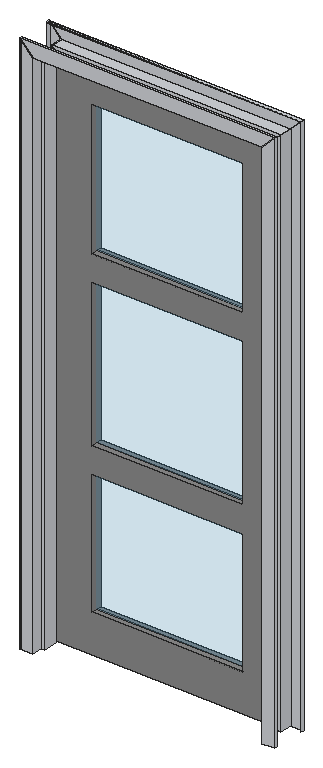
Revit family "Ext-Three FG-MDMF-36 x 84", category Doors, host Wall, Revit 2014
Parameters (values of type "Ext-Three FG-MDMF-36" x 84"")
  Width = Door Panel Width  # 3' - 0"
  Wall Thickness [instance] = 0' - 5 3/4"
  URL = ""
  Type Comments = "EXT,"
  Thickness = 0' - 1 3/4"
  Swing Angle [instance] = 90.00°
  SDI RO Spacing = 0' - 0"
  SDI Panel 1 Width = Leaf Width + 0' 0 3/16"  # 3' - 0"
  SDI No Panels = ""
  SDI HW Set [instance] = ""
  SDI HW Item LO-2 [instance] = ""
  SDI HW Item LO-1 [instance] = ""
  SDI HW Item KP-2 [instance] = ""
  SDI HW Item KP-1 [instance] = ""
  SDI HW Item HI-2 [instance] = ""
  SDI HW Item HI-1 [instance] = ""
  SDI HW Item HC-2 [instance] = ""
  SDI HW Item HC-1 [instance] = ""
  SDI HW Item ED-2 [instance] = ""
  SDI HW Item ED-1 [instance] = ""
  SDI HW Item DO-2 [instance] = ""
  SDI HW Item DO-1 [instance] = ""
  SDI HW Item CL-2 [instance] = ""
  SDI HW Item CL-1 [instance] = ""
  SDI Glass Material = Glass
  SDI Frame Type = "3 Piece"
  SDI Frame Material Type = "Hollow Metal"
  SDI Frame Material = Paint - Generic - Prime
  SDI Frame Manufacturer = ""
  SDI Frame Jamb Width = 0' - 2"
  SDI Frame Head Width = 0' - 2"
  SDI Frame Finish Type = "Painted"
  SDI Frame Finish Color = "Prime"
  SDI Frame Depth [instance] = 0' - 5 3/4"
  SDI Family Version = "1.0"
  SDI Door Top Rail Width = 0' - 7 3/4"
  SDI Door Stile Width = 0' - 6"
  SDI Door Panel Type = "FG"
  SDI Door Material Type = "Hollow Metal"
  SDI Door Material = Paint - Generic - Prime
  SDI Door Manufacturer = ""
  SDI Door Glass Type = "1/4\" Tempered"
  SDI Door Finish Type = "Painted"
  SDI Door Finish Color = "Prime"
  SDI Door Configuration = "SG"
  SDI Door Bottom Rail Width = 1' - 0"
  SDI Arch Frame Type [instance] = "1"
  SDI Arch Frame Material Type [instance] = "HM"
  SDI Arch Door Panel Type [instance] = "FG"
  SDI Arch Door Material Type [instance] = "HM"
  Rough Width = Frame Width - 0' 0" + 2 * SDI RO Spacing  # 3' - 4"
  Rough Height = Frame Height - 0' 0" + SDI RO Spacing  # 7' - 2"
  R1 Height = 7' - 0"
  P1 Width = 3' - 2"
  Model = "Ext-Three FG-MDMF-36\" x 84\""
  Manufacturer = ""
  Leaf Width = P1 Width - 0' 2 3/16"  # 2' - 11 13/16"
  Height = Door Panel Height  # 7' - 0"
  Glass Offset [instance] = 0' 2 1/16" + (SDI Frame Depth - 0' 5 3/4") / 2  # 0' - 2 1/16"
  Function = Exterior
  Frame Width = P1 Width + 0' 2"  # 3' - 4"
  Frame Offset [instance] = if(Aligned Exterior, SDI Frame Depth / 2, if(Aligned Center, Wall Thickness / 2, if(Aligned Interior, Wall Thickness - SDI Frame Depth + SDI Frame Depth / 2, Aligned Other)))  # 0' - 2 7/8"
  Frame Height = R1 Height + 0' 2"  # 7' - 2"
  Fire Rating = ""
  Exterior Glazing [instance] = no
  Door Panel Width = P1 Width - 0' 2"  # 3' - 0"
  Door Panel Height = R1 Height + 0' 2" - (0' 2")  # 7' - 0"
  Door Offset [instance] = 0' 2 13/16" + (SDI Frame Depth - 0' 5 3/4") / 2  # 0' - 2 13/16"
  Description = "Hollow Metal Door with Hollow Metal Frame"
  Cost = 0
  Assembly Code = "B2030120"
  Analytic Construction = "<None>"
  Aligned Other [instance] = 0' - 0"
  Aligned Interior [instance] = no
  Aligned Exterior [instance] = yes
  Aligned Center [instance] = no
  ADA Clearance Lines = no
Reference planes (in)
  plane 1: y = 0
  plane 2 "Center (Left/Right)": x = 0
  plane 3 "Wall Edge": y = 2.875
  plane 4 "Wall Interior": y = -2.875
  plane 5 "ModelRefLevel": z = -0.36736
  plane 6 "FrameDepthPlane": y = 0
  plane 7 "FrameFront": y = 2.875
  plane 8 "FrameBack": y = -2.875
  plane 9 "V0": x = 19
  plane 10 "V1": x = -19
  plane 11 "H0": z = 1
  plane 12 "H1": z = 85
  plane 13 "DoorLeft": x = 18
  plane 14 "DoorRight": x = -18
  plane 15 "DoorCenter": x = 0
  plane 16 "DoorTop": z = 83.875
  plane 17 "DoorCenterTB": z = 41.75382
  plane 18 "DoorExtFace": y = 2.8125
  plane 19 "DoorGlassFace": y = 2.0625
  plane 20 "LockCenterLine": z = 40.94513
  plane 21 "DoorExtFace1": y = 2.0625
  plane 22 "ActDoorLeft": x = 17.90625
  plane 23 "SwingClrPlane": y = 62.875
  plane 24 "SwingPartialPlane": y = 50.875
  plane 25: z = 55.79421
  plane 26: z = 27.71342
Forms (in)
  Extrusion 1, solid
    sketch origin (138.6875, 0, 43) x (-1, 0, 0) y (0, -1, 0)
      loop
        line (118.6875, -2.375) -> (118.6875, -2.875) -> (120.6875, -2.875) -> (120.6875, -0.9375) -> (121.3125, -0.9375) -> (121.3125, 1.3125) -> (120.6875, 1.3125) -> (120.6875, 2.875) -> (118.6875, 2.875) -> (118.6875, 2.4375) -> (118.75, 2.4375) -> (118.75, 2.8125) -> (120.625, 2.8125) -> (120.625, 1.25) -> (121.25, 1.25) -> (121.25, -0.875) -> (120.625, -0.875) -> (120.625, -2.8125) -> (118.75, -2.8125) -> (118.75, -2.375) -> (118.6875, -2.375)
    from -43 to 43
  Extrusion 2, void
    sketch origin (0, 2.875, 0) x (1, 0, 0) y (0, 0, 1)
      loop
        line (20, 86) -> (17.375, 86) -> (17.375, 83.375) -> (20, 86)
    from -12 to 12
  Extrusion 3, solid
    sketch origin (101.3125, 0, 43) x (-1, 0, 0) y (0, -1, 0)
      loop
        line (121.25, -2.375) -> (121.25, -2.8125) -> (119.375, -2.8125) -> (119.375, -0.875) -> (118.75, -0.875) -> (118.75, 1.25) -> (119.375, 1.25) -> (119.375, 2.8125) -> (121.25, 2.8125) -> (121.25, 2.4375) -> (121.3125, 2.4375) -> (121.3125, 2.875) -> (119.3125, 2.875) -> (119.3125, 1.3125) -> (118.6875, 1.3125) -> (118.6875, -0.9375) -> (119.3125, -0.9375) -> (119.3125, -2.875) -> (121.3125, -2.875) -> (121.3125, -2.375) -> (121.25, -2.375)
    from -43 to 43
  Extrusion 4, void
    sketch origin (0, 2.875, 0) x (1, 0, 0) y (0, 0, 1)
      loop
        line (-20, 86) -> (-17.375, 83.375) -> (-17.375, 86) -> (-20, 86)
    from -12 to 12
  Extrusion 5, solid
    sketch origin (0, 0, 84.6875) x (0, 1, 0) y (0, 0, 1)
      loop
        line (2.375, 1.25) -> (2.8125, 1.25) -> (2.8125, -0.625) -> (0.875, -0.625) -> (0.875, -1.25) -> (-1.25, -1.25) -> (-1.25, -0.625) -> (-2.8125, -0.625) -> (-2.8125, 1.25) -> (-2.4375, 1.25) -> (-2.4375, 1.3125) -> (-2.875, 1.3125) -> (-2.875, -0.6875) -> (-1.3125, -0.6875) -> (-1.3125, -1.3125) -> (0.9375, -1.3125) -> (0.9375, -0.6875) -> (2.875, -0.6875) -> (2.875, 1.3125) -> (2.375, 1.3125) -> (2.375, 1.25)
    from -20 to 20
  Extrusion 6, void
    sketch origin (0, 2.875, 0) x (1, 0, 0) y (0, 0, 1)
      loop
        line (-20, 86) -> (-20, 83.375) -> (-17.375, 83.375) -> (-20, 86)
    from -12 to 12
  Extrusion 7, void
    sketch origin (0, 2.875, 0) x (1, 0, 0) y (0, 0, 1)
      loop
        line (20, 86) -> (17.375, 83.375) -> (20, 83.375) -> (20, 86)
    from -12 to 12
  Extrusion 8, solid, material "Paint - Generic - Prime" <- "SDI Door Material"
    sketch origin (-60, 2.8125, -12) x (1, 0, 0) y (0, 0, 1)
      loop
        line (77.90625, 12.25764) -> (77.90625, 95.875) -> (42.09375, 95.875) -> (42.09375, 12.25764) -> (77.90625, 12.25764)
      loop
        line (71.90625, 18.25764) -> (71.90625, 37.71342) -> (48.09375, 37.71342) -> (48.09375, 18.25764) -> (71.90625, 18.25764)
      loop
        line (48.09375, 89.875) -> (48.09375, 68.79421) -> (71.90625, 68.79421) -> (71.90625, 89.875) -> (48.09375, 89.875)
      loop
        line (71.90625, 64.79421) -> (48.09375, 64.79421) -> (48.09375, 41.71342) -> (71.90625, 41.71342) -> (71.90625, 64.79421)
    from 0 to 1.75
  Extrusion 9, solid, material "Glass" <- "SDI Glass Material"
    sketch origin (-53.8125, 2.0625, -12.31096) x (1, 0, 0) y (0, 0, 1)
      loop
        line (41.90625, 69.10517) -> (65.71875, 69.10517) -> (65.71875, 90.18596) -> (41.90625, 90.18596) -> (41.90625, 69.10517)
      loop
        line (65.71875, 65.10517) -> (41.90625, 65.10517) -> (41.90625, 42.02438) -> (65.71875, 42.02438) -> (65.71875, 65.10517)
      loop
        line (65.71875, 38.02438) -> (41.90625, 38.02438) -> (41.90625, 18.5686) -> (65.71875, 18.5686) -> (65.71875, 38.02438)
    from 0 to 0.25
Cuts and joins
  Extrusion 2 cuts Extrusion 1
  Extrusion 4 cuts Extrusion 3
  Extrusion 6, Extrusion 7 cuts Extrusion 5
Lines and regions (in)
  Opening 1
    outline origin (-60, -2.875, 0) x (1, 0, 0) y (0, 0, 1)
      loop
        line (80, 0) -> (80, 86) -> (40, 86) -> (40, 0) -> (80, 0)
  symbolic lines, style "DoorsFrameMullionProjection", detail levels fine
    curve 1: line (20, 2.375, 0) -> (20, 2.875, 0)
    curve 2: line (20, 2.875, 0) -> (18, 2.875, 0)
    curve 3: line (18, 2.875, 0) -> (18, 0.9375, 0)
    curve 4: line (18, 0.9375, 0) -> (17.375, 0.9375, 0)
    curve 5: line (17.375, 0.9375, 0) -> (17.375, -1.3125, 0)
    curve 6: line (17.375, -1.3125, 0) -> (18, -1.3125, 0)
    curve 7: line (18, -1.3125, 0) -> (18, -2.875, 0)
    curve 8: line (18, -2.875, 0) -> (20, -2.875, 0)
    curve 9: line (20, -2.875, 0) -> (20, -2.4375, 0)
    curve 10: line (20, -2.4375, 0) -> (19.9375, -2.4375, 0)
    curve 11: line (19.9375, -2.4375, 0) -> (19.9375, -2.8125, 0)
    curve 12: line (19.9375, -2.8125, 0) -> (18.0625, -2.8125, 0)
    curve 13: line (18.0625, -2.8125, 0) -> (18.0625, -1.25, 0)
    curve 14: line (18.0625, -1.25, 0) -> (17.4375, -1.25, 0)
    curve 15: line (17.4375, -1.25, 0) -> (17.4375, 0.875, 0)
    curve 16: line (17.4375, 0.875, 0) -> (18.0625, 0.875, 0)
    curve 17: line (18.0625, 0.875, 0) -> (18.0625, 2.8125, 0)
    curve 18: line (18.0625, 2.8125, 0) -> (19.9375, 2.8125, 0)
    curve 19: line (19.9375, 2.8125, 0) -> (19.9375, 2.375, 0)
    curve 20: line (19.9375, 2.375, 0) -> (20, 2.375, 0)
    curve 25: line (-19.9375, 2.375, 0) -> (-19.9375, 2.8125, 0)
    curve 26: line (-19.9375, 2.8125, 0) -> (-18.0625, 2.8125, 0)
    curve 27: line (-18.0625, 2.8125, 0) -> (-18.0625, 0.875, 0)
    curve 28: line (-18.0625, 0.875, 0) -> (-17.4375, 0.875, 0)
    curve 29: line (-17.4375, 0.875, 0) -> (-17.4375, -1.25, 0)
    curve 30: line (-17.4375, -1.25, 0) -> (-18.0625, -1.25, 0)
    curve 31: line (-18.0625, -1.25, 0) -> (-18.0625, -2.8125, 0)
    curve 32: line (-18.0625, -2.8125, 0) -> (-19.9375, -2.8125, 0)
    curve 33: line (-19.9375, -2.8125, 0) -> (-19.9375, -2.4375, 0)
    curve 34: line (-19.9375, -2.4375, 0) -> (-20, -2.4375, 0)
    curve 35: line (-20, -2.4375, 0) -> (-20, -2.875, 0)
    curve 36: line (-20, -2.875, 0) -> (-18, -2.875, 0)
    curve 37: line (-18, -2.875, 0) -> (-18, -1.3125, 0)
    curve 38: line (-18, -1.3125, 0) -> (-17.375, -1.3125, 0)
    curve 39: line (-17.375, -1.3125, 0) -> (-17.375, 0.9375, 0)
    curve 40: line (-17.375, 0.9375, 0) -> (-18, 0.9375, 0)
    curve 41: line (-18, 0.9375, 0) -> (-18, 2.875, 0)
    curve 42: line (-18, 2.875, 0) -> (-20, 2.875, 0)
    curve 43: line (-20, 2.875, 0) -> (-20, 2.375, 0)
    curve 44: line (-20, 2.375, 0) -> (-19.9375, 2.375, 0)
  symbolic lines, style "DoorsFrameMullionProjection", detail levels coarse+medium
    curve 21: line (18, -2.875, 0) -> (20, -2.875, 0)
    curve 22: line (18, 2.875, 0) -> (20, 2.875, 0)
    curve 23: line (18, -2.875, 0) -> (18, 2.875, 0)
    curve 24: line (20, -2.875, 0) -> (20, 2.875, 0)
    curve 45: line (-20, -2.875, 0) -> (-18, -2.875, 0)
    curve 46: line (-20, 2.875, 0) -> (-18, 2.875, 0)
    curve 47: line (-20, -2.875, 0) -> (-20, 2.875, 0)
    curve 48: line (-18, -2.875, 0) -> (-18, 2.875, 0)
  symbolic lines, style "Elevation Swing"
    curve 49: line (-17.90625, 2.875, 83.875) -> (17.90625, 2.875, 41.75382)
    curve 50: line (-17.90625, 2.875, 0) -> (17.90625, 2.875, 41.75382)
  symbolic lines, style "ADA Clearance", visible <- "ADA Clearance Lines"
    curve 51: line (20, 2.875, 0) -> (20, 62.875, 0)
    curve 52: line (-36, 62.875, 0) -> (20, 62.875, 0)
    curve 53: line (-36, 50.875, 0) -> (20, 50.875, 0)
    curve 54: line (-36, 2.875, 0) -> (-36, 62.875, 0)
    curve 55: line (20, -2.875, 0) -> (20, -50.875, 0)
    curve 56: line (-30, -50.875, 0) -> (20, -50.875, 0)
    curve 57: line (-30, -2.875, 0) -> (-30, -50.875, 0)
Text (in)
  text "Placement Side" at (0, 40.15149, 123.01588), in view "Right"
  text "Placement Side" at (-70.3804, 28.46503, 0), in view "Ref. Level"
  text "Placement Side" at (0, 81.62555, 140.59947), in view "Left"
Dimensions and locks (in)
  locked: plane 3 "Wall Edge" to host wall
  equal spacing: host wall, plane 2 "Center (Left/Right)", host wall
  "Rough Width": host wall to host wall
  "Rough Height": level to host wall
  equal spacing: plane 3 "Wall Edge", plane 1, plane 4 "Wall Interior"
  "Wall Thickness": host wall to host wall
  "Frame Offset": plane 3 "Wall Edge" to plane 6 "FrameDepthPlane"
  equal spacing: plane 7 "FrameFront", plane 6 "FrameDepthPlane", plane 8 "FrameBack"
  "SDI Frame Depth": plane 7 "FrameFront" to plane 8 "FrameBack"
  equal spacing: plane 9 "V0", plane 2 "Center (Left/Right)", plane 10 "V1"
  "P1 Width": plane 9 "V0" to plane 10 "V1"
  "R1 Height": plane 11 "H0" to plane 12 "H1"
  locked: plane 12 "H1" to Extrusion 1 at 1
  locked: plane 11 "H0" to Extrusion 1 at 1
  locked: plane 9 "V0" to Extrusion 1 at 1  (x4)
  locked: plane 9 "V0" to Extrusion 1 at 0.9375  (x5)
  locked: plane 9 "V0" to Extrusion 1 at 1.5625
  locked: plane 9 "V0" to Extrusion 1 at 1.625
  locked: plane 12 "H1" to Extrusion 3 at 1
  locked: plane 11 "H0" to Extrusion 3 at 1
  locked: plane 10 "V1" to Extrusion 3 at 0.9375  (x4)
  locked: plane 10 "V1" to Extrusion 3 at 1  (x5)
  locked: plane 10 "V1" to Extrusion 3 at 1.625
  locked: plane 10 "V1" to Extrusion 3 at 1.5625
  locked: plane 9 "V0" to Extrusion 5 at 1
  locked: plane 10 "V1" to Extrusion 5 at 1
  locked: plane 12 "H1" to Extrusion 5 at 0.9375  (x5)
  locked: plane 12 "H1" to Extrusion 5 at 1.5625
  locked: plane 12 "H1" to Extrusion 5 at 1  (x4)
  locked: plane 12 "H1" to Extrusion 5 at 1.625
  locked: plane 7 "FrameFront" to cut or joined group of Extrusion 1, Extrusion 2 at 1.9375
  locked: plane 7 "FrameFront" to cut or joined group of Extrusion 1, Extrusion 2 at 2
  locked: plane 7 "FrameFront" to cut or joined group of Extrusion 1, Extrusion 2 at 0.0625
  locked: plane 7 "FrameFront" to cut or joined group of Extrusion 1, Extrusion 2 at 0.5
  locked: plane 8 "FrameBack" to cut or joined group of Extrusion 1, Extrusion 2 at 1.5625
  locked: plane 8 "FrameBack" to cut or joined group of Extrusion 1, Extrusion 2 at 0.4375
  locked: plane 8 "FrameBack" to cut or joined group of Extrusion 1, Extrusion 2 at 0.0625
  locked: plane 8 "FrameBack" to cut or joined group of Extrusion 1, Extrusion 2 at 1.625
  locked: plane 7 "FrameFront" to cut or joined group of Extrusion 3, Extrusion 4 at 0.0625
  locked: plane 7 "FrameFront" to cut or joined group of Extrusion 3, Extrusion 4 at 2
  locked: plane 7 "FrameFront" to cut or joined group of Extrusion 3, Extrusion 4 at 1.9375
  locked: plane 7 "FrameFront" to cut or joined group of Extrusion 3, Extrusion 4 at 0.5
  locked: plane 8 "FrameBack" to cut or joined group of Extrusion 3, Extrusion 4 at 1.625
  locked: plane 8 "FrameBack" to cut or joined group of Extrusion 3, Extrusion 4 at 0.0625
  locked: plane 8 "FrameBack" to cut or joined group of Extrusion 3, Extrusion 4 at 0.4375
  locked: plane 8 "FrameBack" to cut or joined group of Extrusion 3, Extrusion 4 at 1.5625
  locked: plane 7 "FrameFront" to cut or joined group of Extrusion 5, Extrusion 6, Extrusion 7 at 0.0625
  locked: plane 7 "FrameFront" to cut or joined group of Extrusion 5, Extrusion 6, Extrusion 7 at 2
  locked: plane 7 "FrameFront" to cut or joined group of Extrusion 5, Extrusion 6, Extrusion 7 at 1.9375
  locked: plane 7 "FrameFront" to cut or joined group of Extrusion 5, Extrusion 6, Extrusion 7 at 0.5
  locked: plane 8 "FrameBack" to cut or joined group of Extrusion 5, Extrusion 6, Extrusion 7 at 1.625
  locked: plane 8 "FrameBack" to cut or joined group of Extrusion 5, Extrusion 6, Extrusion 7 at 0.0625
  locked: plane 8 "FrameBack" to cut or joined group of Extrusion 5, Extrusion 6, Extrusion 7 at 0.4375
  locked: plane 8 "FrameBack" to cut or joined group of Extrusion 5, Extrusion 6, Extrusion 7 at 1.5625
  locked: plane 7 "FrameFront" to curve 4 at 1.9375
  locked: plane 7 "FrameFront" to curve 16 at 2
  locked: plane 7 "FrameFront" to curve 18 at 0.0625
  locked: plane 7 "FrameFront" to curve 20 at 0.5
  locked: plane 7 "FrameFront" to curve 26 at 0.0625
  locked: plane 7 "FrameFront" to curve 28 at 2
  locked: plane 7 "FrameFront" to curve 40 at 1.9375
  locked: plane 7 "FrameFront" to curve 44 at 0.5
  locked: plane 8 "FrameBack" to curve 6 at 1.5625
  locked: plane 8 "FrameBack" to curve 10 at 0.4375
  locked: plane 8 "FrameBack" to curve 12 at 0.0625
  locked: plane 8 "FrameBack" to curve 14 at 1.625
  locked: plane 8 "FrameBack" to curve 30 at 1.625
  locked: plane 8 "FrameBack" to curve 32 at 0.0625
  locked: plane 8 "FrameBack" to curve 34 at 0.4375
  locked: plane 8 "FrameBack" to curve 38 at 1.5625
  locked: plane 9 "V0" to plane 13 "DoorLeft" at 1
  locked: plane 10 "V1" to plane 14 "DoorRight" at 1
  locked: plane 12 "H1" to plane 16 "DoorTop" at 1.125
  equal spacing: plane 16 "DoorTop", plane 17 "DoorCenterTB", plane 5 "ModelRefLevel"
  "Door Offset": plane 6 "FrameDepthPlane" to plane 18 "DoorExtFace"
  "Glass Offset": plane 6 "FrameDepthPlane" to plane 19 "DoorGlassFace"
  locked: plane 20 "LockCenterLine" to plane 5 "ModelRefLevel" at 41.3125
  locked: Extrusion 8 to Extrusion 8 at 1.75
  locked: plane 6 "FrameDepthPlane" to plane 21 "DoorExtFace1" at 2.0625
  locked: Extrusion 9 to Extrusion 9 at 0.25
  locked: plane 13 "DoorLeft" to Extrusion 8 at 0.09375
  locked: plane 14 "DoorRight" to Extrusion 8 at 6.09375
  locked: plane 14 "DoorRight" to Extrusion 8 at 0.09375
  locked: plane 13 "DoorLeft" to Extrusion 8 at 6.09375
  plane 5 "ModelRefLevel" to Extrusion 8 = 0' - 6 5/8"
  plane 5 "ModelRefLevel" to Extrusion 8 = 0' - 0 5/8"
  plane 16 "DoorTop" to Extrusion 8 = 0' - 6"
  locked: plane 13 "DoorLeft" to plane 22 "ActDoorLeft" at 0.09375
  locked: plane 3 "Wall Edge" to plane 23 "SwingClrPlane" at 60
  locked: plane 3 "Wall Edge" to plane 24 "SwingPartialPlane" at 48
  Extrusion 8 sketch curve to plane 25 to Extrusion 8 sketch curve = 0' - 3" locked, 0' - 1" locked
  Extrusion 8 sketch curve to plane 26 to Extrusion 8 sketch curve = 0' - 2" locked, 0' - 2" locked
  locked: Extrusion 8 sketch curve to Extrusion 8 sketch curve at 6
  locked: Extrusion 8 sketch curve to plane 16 "DoorTop" at 6
  equal spacing: plane 5 "ModelRefLevel", plane 26, plane 25, plane 16 "DoorTop"
  aligned and locked: plane 4 "Wall Interior" to host wall
  aligned and locked: cut or joined group of Extrusion 1, Extrusion 2 to plane 7 "FrameFront"
  aligned and locked: plane 8 "FrameBack" to cut or joined group of Extrusion 1, Extrusion 2
  aligned and locked: cut or joined group of Extrusion 3, Extrusion 4 to plane 7 "FrameFront"
  aligned and locked: plane 8 "FrameBack" to cut or joined group of Extrusion 3, Extrusion 4
  aligned and locked: cut or joined group of Extrusion 5, Extrusion 6, Extrusion 7 to plane 7 "FrameFront"
  aligned and locked: plane 8 "FrameBack" to cut or joined group of Extrusion 5, Extrusion 6, Extrusion 7
  aligned and locked: curve 2 to plane 7 "FrameFront"
  aligned and locked: plane 7 "FrameFront" to curve 22
  aligned and locked: curve 42 to plane 7 "FrameFront"
  aligned and locked: plane 7 "FrameFront" to curve 46
  aligned and locked: plane 8 "FrameBack" to curve 8
  aligned and locked: plane 8 "FrameBack" to curve 36
  aligned and locked: Extrusion 8 to plane 18 "DoorExtFace"
  aligned and locked: Extrusion 9 to plane 21 "DoorExtFace1"
  aligned and locked: plane 7 "FrameFront" to nested 1
  aligned and locked: plane 22 "ActDoorLeft" to nested 1
  aligned and locked: plane 23 "SwingClrPlane" to curve 52
  aligned and locked: plane 24 "SwingPartialPlane" to curve 53
  aligned and locked: Extrusion 9 sketch curve to Extrusion 8  (x12)
Automatic sketch dimensions
  Opening 1 sketch curve to level = 0' - 0"
  Opening 1 sketch curve to plane 2 "Center (Left/Right)" = 1' - 8"
  plane 2 "Center (Left/Right)" to Opening 1 sketch curve = 1' - 8"
  level to Opening 1 sketch curve = 7' - 2"
  Extrusion 2 sketch curve to plane 9 "V0" = 0' - 1 5/8"
  plane 9 "V0" to Extrusion 2 sketch curve = 0' - 1"
  plane 12 "H1" to Extrusion 2 sketch curve = 0' - 1 5/8"
  Extrusion 2 sketch curve to plane 12 "H1" = 0' - 1"
  Extrusion 1 sketch curve to host wall = 0' - 0"
  host wall to Extrusion 1 sketch curve = 0' - 0"
  Extrusion 1 sketch curve to host wall = 0' - 0 1/2"
  plane 2 "Center (Left/Right)" to Extrusion 1 sketch curve = 1' - 8"  (x2)
  Extrusion 1 sketch curve to host wall = 0' - 0 7/16"
  Extrusion 1 sketch curve to Extrusion 1 sketch curve = 0' - 0 1/16"  (x7)
  plane 2 "Center (Left/Right)" to Extrusion 1 sketch curve = 1' - 6 1/16"  (x2)
  Extrusion 1 sketch curve to host wall = 0' - 0 1/16"  (x2)
  Extrusion 1 sketch curve to Extrusion 1 sketch curve = 0' - 0 9/16"
  Extrusion 1 sketch curve to host wall = 0' - 0 15/16"
  host wall to Extrusion 1 sketch curve = 0' - 1 1/4"
  plane 9 "V0" to curve 1 = 0' - 1"
  curve 6 to curve 5 = 0' - 0 5/8"
  curve 7 to plane 9 "V0" = 0' - 1"
  curve 9 to curve 10 = 0' - 0 1/16"
  curve 12 to curve 7 = 0' - 0 1/16"
  curve 14 to curve 5 = 0' - 0 1/16"
  curve 16 to curve 3 = 0' - 0 1/16"
  curve 1 to curve 18 = 0' - 0 1/16"
  Extrusion 4 sketch curve to plane 10 "V1" = 0' - 1"
  plane 10 "V1" to Extrusion 4 sketch curve = 0' - 1 5/8"
  plane 12 "H1" to Extrusion 4 sketch curve = 0' - 1 5/8"
  Extrusion 4 sketch curve to plane 12 "H1" = 0' - 1"
  host wall to Extrusion 3 sketch curve = 0' - 0"
  Extrusion 3 sketch curve to host wall = 0' - 0"
  Extrusion 3 sketch curve to plane 2 "Center (Left/Right)" = 1' - 5 3/8"
  Extrusion 3 sketch curve to Extrusion 3 sketch curve = 0' - 0 1/16"  (x7)
  Extrusion 3 sketch curve to Extrusion 3 sketch curve = 0' - 0 9/16"  (x2)
  Extrusion 3 sketch curve to host wall = 0' - 0 7/16"
  Extrusion 3 sketch curve to plane 2 "Center (Left/Right)" = 1' - 7 15/16"  (x2)
  Extrusion 3 sketch curve to host wall = 0' - 0 1/2"
  Extrusion 3 sketch curve to host wall = 0' - 0 1/16"  (x2)
  Extrusion 3 sketch curve to host wall = 0' - 0 15/16"
  host wall to Extrusion 3 sketch curve = 0' - 1 1/4"
  plane 10 "V1" to curve 26 = 0' - 0 15/16"
  curve 29 to curve 30 = 0' - 0 5/8"
  curve 32 to plane 10 "V1" = 0' - 0 15/16"
  curve 33 to curve 34 = 0' - 0 1/16"
  curve 36 to curve 31 = 0' - 0 1/16"
  curve 38 to curve 29 = 0' - 0 1/16"
  curve 40 to curve 27 = 0' - 0 1/16"
  curve 25 to curve 42 = 0' - 0 1/16"
  Extrusion 6 sketch curve to plane 10 "V1" = 0' - 1"
  plane 10 "V1" to Extrusion 6 sketch curve = 0' - 1 5/8"
  plane 12 "H1" to Extrusion 6 sketch curve = 0' - 1 5/8"
  Extrusion 6 sketch curve to plane 12 "H1" = 0' - 1"
  Extrusion 7 sketch curve to plane 9 "V0" = 0' - 1 5/8"
  plane 9 "V0" to Extrusion 7 sketch curve = 0' - 1"
  plane 12 "H1" to Extrusion 7 sketch curve = 0' - 1 5/8"
  Extrusion 7 sketch curve to plane 12 "H1" = 0' - 1"
  Extrusion 5 sketch curve to host wall = 0' - 0"  (x2)
  Extrusion 5 sketch curve to host wall = 0' - 0 1/16"  (x2)
  Extrusion 5 sketch curve to Extrusion 5 sketch curve = 0' - 0 3/8"
  host wall to Extrusion 5 sketch curve = 0' - 1 5/16"
  Extrusion 5 sketch curve to Extrusion 5 sketch curve = 0' - 0 1/16"  (x7)
  Extrusion 5 sketch curve to host wall = 0' - 0 7/8"
  Extrusion 5 sketch curve to host wall = 0' - 0 1/2"
  level to Extrusion 5 sketch curve = 6' - 11 3/8"
  Extrusion 5 sketch curve to Extrusion 5 sketch curve = 0' - 0 9/16"  (x2)
  Extrusion 5 sketch curve to plane 11 "H0" = 7' - 0 15/16"  (x2)
  curve 49 to plane 16 "DoorTop" = 0' - 0"
  curve 49 to plane 17 "DoorCenterTB" = 0' - 0"
  plane 14 "DoorRight" to curve 49 = 0' - 0 3/32"
  curve 50 to level = 0' - 0"
  curve 50 to plane 22 "ActDoorLeft" = 0' - 0"
  plane 14 "DoorRight" to curve 50 = 0' - 0 3/32"
  curve 51 to host wall = 0' - 0"
  plane 9 "V0" to curve 51 = 0' - 1"
  curve 54 to host wall = 0' - 0"
  host wall to curve 55 = 0' - 0"
  plane 9 "V0" to curve 55 = 0' - 1"
  host wall to curve 55 = 4' - 0"
  curve 56 to plane 10 "V1" = 0' - 11"
  host wall to curve 57 = 0' - 0"
  curve 57 to curve 54 = 0' - 6"
  Extrusion 8 sketch curve to plane 16 "DoorTop" = 0' - 0"
  Extrusion 8 sketch curve to plane 22 "ActDoorLeft" = 0' - 0"
  Extrusion 8 sketch curve to plane 22 "ActDoorLeft" = 0' - 6"  (x2)
  Extrusion 8 sketch curve to Extrusion 8 sketch curve = 0' - 0"
  plane 14 "DoorRight" to Extrusion 8 sketch curve = 0' - 6 3/32"  (x3)
  plane 14 "DoorRight" to Extrusion 8 sketch curve = 0' - 0 3/32"
  Extrusion 8 sketch curve to plane 11 "H0" = 0' - 5.25764"
Nested families (in)
  nested 1: "SingleDoorPlanLines" at (17.90625, 2.875, 0.625), type "SingleDoorPlanLines"
Definition of nested family "SingleDoorPlanLines"
  Parameters (values of type "SingleDoorPlanLines")
    Width = 3' - 0"
    URL = ""
    Thickness = 0' - 1 3/4"
    Analytic Construction = "<None>"
    Swing Angle = 90.00°
  Reference planes (in)
    plane 1 "Front": y = 0
    plane 2: z = 0
    plane 3 "Right": x = 0
    plane 4 "Left": x = -36
  Lines and regions (in)
    symbolic lines, style "DoorsPanelProjection"
      curve 1: line (0, 0, 0) -> (0, 36, 0)
      curve 2: line (0, 36, 0) -> (-1.75, 36, 0)
      curve 3: line (-1.75, 36, 0) -> (-1.75, 0, 0)
      curve 4: line (-1.75, 0, 0) -> (0, 0, 0)
    model lines, style "InvisibleLines", not visible
      curve 5: line (0, 0, 0) -> (-38.99851, -0.34033, 0)
    symbolic lines, style "Plan Swing"
      curve 6: arc (-35.99863, -0.31416, 0) -> (-25.56667, 25.34453, 0) -> (0, 36, 0) r 36
  Dimensions and locks (in)
    "Thickness": curve 3 to curve 1
    "Width": curve 2 to curve 4
    "Width": plane 4 "Left" to plane 3 "Right"
    "Swing Angle": angle curve 1 to plane 1 "Front"
    locked: plane 1 "Front" to curve 5 (angle 0.50°)
  Automatic sketch dimensions
    curve 6 to plane 1 "Front" = 0' - 0"
    curve 6 to plane 3 "Right" = 0' - 0"
    curve 4 to plane 1 "Front" = 0' - 0"
    curve 4 to plane 3 "Right" = 0' - 0"
